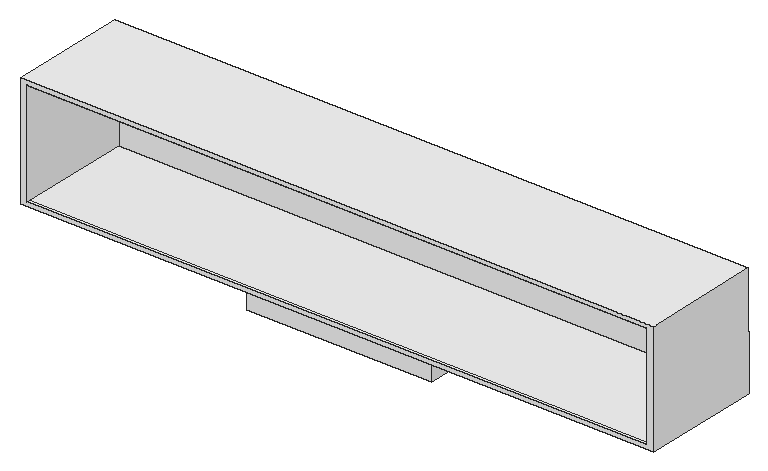
Revit family "4L-W-D", category Lighting Fixtures, host Face, Revit 2014
Parameters (values of type "4L-W-D-02")
  zz YesNo 2 = no
  zz YesNo 1 = yes
  Wattage = 4 W
  Warranty = "5-Years Warranty"  # constant formula
  built-in parameter 1150110 = 1 (stored number, unit not read)
  Voltage = 120 V
  Type Comments = "Lighting Fixture"  # constant formula
  built-in parameter 1114217 = 1 (stored number, unit not read)
  Tilt Angle = -90.00°
  built-in parameter 1150109 = 1 (stored number, unit not read)
  built-in parameter 1150134 = (empty or 0)
  built-in parameter 1150113 = 1 (stored number, unit not read)
  Product Page URL = "https://www.hubbell.com/litecontrol/en/Products/Lighting-Controls/Commercial-Indoor-Lighting/Wall-Mount/MOD-4L-LED-Wall-Direct/p/277666"
  Product Documentation Link = "https://hubbellcdn.com/specsheet/4L-W-D.pdf"
  Power Factor = 1
  Photometric Web Link = "https://www.hubbell.com/litecontrol/en/Products/Lighting-Controls/Commercial-Indoor-Lighting/Wall-Mount/MOD-4L-LED-Wall-Direct/p/277666#prod-photometry-section"
  Photometric Web File = "4L-W-AD-4-ASYM-X-CX-35K-D030.ies"
  Photometric Notes = "For more Photometric web files please find the photmetric web link"  # constant formula
  zz Length 1 = 2' - 0"
  Wattage Comments = ""
  URL = "https://www.hubbell.com/litecontrol/en/"
  Mounting = "Wall-Mount"  # constant formula
  Model = "MOD 4 LED Wall Direct"  # constant formula
  Manufacturer = "Litecontrol Lighting"  # constant formula
  built-in parameter 1150105 = 39.789 (stored number, unit not read)
  Lumens = 500 lm
  built-in parameter 1150115 = 1 (stored number, unit not read)
  Load Classification = Lighting
  built-in parameter 1150137 = (empty or 0)
  built-in parameter 1150139 = (empty or 0)
  built-in parameter 1150112 = 1 (stored number, unit not read)
  built-in parameter 1150114 = 1 (stored number, unit not read)
  Lamp = "LED"  # constant formula
  built-in parameter 1150132 = (empty or 0)
  built-in parameter 1150102 = (empty or 0)
  built-in parameter 1150107 = 3500 (stored number, unit not read)
  built-in parameter 1150138 = (empty or 0)
  built-in parameter 1150106 = 0.39789 (stored number, unit not read)
  Glass = Glass - Hubbell - White
  Fixture Distribution = "Direct"  # constant formula
  Emit from Rectangle Width = zz Length 1 - 0' 0 1/2"  # 1' - 11 1/2"
  Emit from Rectangle Length = 0' - 4"  # constant formula
  Emit Shape Visible in Rendering = no
  built-in parameter 1150104 = 11.613 (stored number, unit not read)
  Dimming Lamp Color Temperature Shift = <None>
  Diming Protocol = "0-10V, Lutron 2-Wire, Lutron 3-Wire, Lutron Ecosystem Digital, Step-dimming"  # constant formula
  Description = "The MOD™ 4L LED Wall Direct (4L-W-D) is part of the MODx family, which is an affordably-priced, full-featured offering with best-in-class attention to detail."  # constant formula
  Default Elevation = 4' - 0"
  Copyright = "Copyright © 2020 Litecontrol"  # constant formula
  Contact Us = "https://www.hubbell.com/litecontrol/en/contactUs"
  Color Filter = 16777215
  built-in parameter 1114218 = 1 (stored number, unit not read)
  Housing Material = Paint - Hubbell - Matte White
  built-in parameter 1150133 = 10 (stored number, unit not read)
  Assembly Code = "D5020200"
  Apparent Load = 0 VA
Types (7): name | zz YesNo 2 | zz YesNo 1 | zz Length 1 | Emit from Rectangle Width
  (no name) | no | yes | 2' - 0" | 1' - 11 1/2"
  4L-W-D-02 | no | yes | 2' - 0" | 1' - 11 1/2"
  4L-W-D-03 | yes | no | 3' - 0" | 2' - 11 1/2"
  4L-W-D-04 | yes | no | 4' - 0" | 3' - 11 1/2"
  4L-W-D-05 | yes | no | 5' - 0" | 4' - 11 1/2"
  4L-W-D-06 | yes | no | 6' - 0" | 5' - 11 1/2"
  4L-W-D-08 | yes | no | 8' - 0" | 7' - 11 1/2"
Reference planes (in)
  plane 1 "Center (Front/Back)": y = 11.51342
  plane 2: z = 0
  plane 3 "Center (Left/Right)": x = 0
Dimensions and locks (in)
  aligned and locked: plane 2 to host face
  aligned and locked: level to host face
  aligned and locked: plane 3 "Center (Left/Right)" to imposter light
  aligned and locked: plane 3 "Center (Left/Right)" to nested 1
  aligned and locked: imposter light to plane 1 "Center (Front/Back)"
  aligned and locked: nested 1 to plane 2
Nested families (in)
  nested 1: "4L" at (-0.01104, 14.51342, 2.76501) x (1, 0, 0) z (0, -1, 0), Glass <- "Glass", Backbox <- "Housing Material", Length <- "zz Length 1", type "22-W"
    with W1 0' - 4", W 0' - 4 1/4", Length 2' - 0", Glass Glass - Hubbell - White, Backbox Paint - Hubbell - Matte White, zz YesNo 2 no
Connectors (in)
  electrical at (0, 12.26342, 0.68), driven by "Load Classification", driven by "Voltage", driven by "Apparent Load", driven by "Power Factor"
    settings: on nested 1, index 1, voltage 120 V, apparent load 0 VA, apparent load phase1 0 VA, apparent load phase2 0 VA, apparent load phase3 0 VA, power factor 1, load classification "Lighting", number of poles 1, system type 30, power factor state 1, is connector primary yes, connector utility no, sub classification motor no, connector description "Electrical Connector"
Definition of nested family "4L"
  Parameters (values of type "22-W")
    zz YesNo 2 = yes
    zz YesNo 1 = yes
    Wattage Comments = ""
    W1 [instance] = 0' - 4"
    W [instance] = 0' - 4 1/4"
    URL = ""
    Model = ""
    Manufacturer = ""
    Length [instance] = 6' - 0"
    Lamp = ""
    Glass [instance] = none
    Description = ""
    Default Elevation = 4' - 0"
    Backbox [instance] = none
    Apparent Load = 0 VA
  Reference planes (in)
    plane 1 "Center (Front/Back)": y = 0.03999
    plane 2: z = 0
    plane 3 "Center (Left/Right)": x = 0.01104
    plane 4: z = 4.5
    plane 5: z = 1
    plane 6: x = -35.98896
    plane 7: x = 36.01104
    plane 8: x = -35.73896
    plane 9: x = 35.76104
    plane 10: y = 2.03999
    plane 11: y = -1.96001
    plane 12: y = -2.08501
    plane 13: y = 2.16499
    plane 14: z = 0.125
    plane 15: y = -2.76501
    plane 16: z = 4.375
    plane 17: x = -29.98896
    plane 18: x = -33.48896
    plane 19: x = -26.48896
    plane 20: x = 30.01104
    plane 21: x = 33.51104
    plane 22: x = 26.51104
    plane 23: x = -3.48896
    plane 24: x = 3.51104
  Forms (in)
    Extrusion 1, solid
      sketch origin (0, 0, 0.06357) x (1, 0, 0) y (0, 1, 0)
        loop
          line (-48, 48) -> (-48, -48) -> (48, -48) -> (48, 48) -> (-48, 48)
      from -0.06357 to -12.81105
    Extrusion 2, void
      sketch origin (-23.78896, 8.13374, 2) x (0, -1, 0) y (1, 0, 0)
        loop
          line (6.09375, -11.95) -> (10.09375, -11.95) -> (10.09375, 59.55) -> (6.09375, 59.55) -> (6.09375, -11.95)
      from 2.5 to -2
    Extrusion 3, solid, material <- "Backbox"
      sketch origin (0.01104, 0, 0) x (0, 1, 0) y (0, 0, 1)
        loop
          line (2.16499, 4.5) -> (-2.08501, 4.5) -> (-2.08501, 0) -> (2.16499, 0) -> (2.16499, 4.5)
      from -36 to 36
    Extrusion 4, solid, material <- "Glass"
      sketch origin (0, 0, 4.3125) x (0, -1, 0) y (1, 0, 0)
        loop
          line (-2.03999, -35.73896) -> (1.96001, -35.73896) -> (1.96001, 35.76104) -> (-2.03999, 35.76104) -> (-2.03999, -35.73896)
      from 0.0625 to 0.1875
    Extrusion 5, solid, material <- "Backbox", visible <- "zz YesNo 2"
      sketch origin (0.01104, 0, 0) x (0, 1, 0) y (0, 0, 1)
        loop
          line (-2.08501, 4.375) -> (-2.76501, 4.375) -> (-2.76501, 0.125) -> (-2.08501, 0.125) -> (-2.08501, 4.375)
      from 26.5 to 33.5
    Extrusion 6, solid, material <- "Backbox", visible <- "zz YesNo 2"
      sketch origin (0.01104, 0, 0) x (0, 1, 0) y (0, 0, -1)
        loop
          line (-2.08501, -4.375) -> (-2.08501, -0.125) -> (-2.76501, -0.125) -> (-2.76501, -4.375) -> (-2.08501, -4.375)
      from 26.5 to 33.5
    Extrusion 7, solid, material <- "Backbox", visible <- "zz YesNo 1"
      sketch origin (18.01104, 0, 0) x (0, 1, 0) y (0, 0, -1)
        loop
          line (-2.08501, -4.375) -> (-2.08501, -0.125) -> (-2.76501, -0.125) -> (-2.76501, -4.375) -> (-2.08501, -4.375)
      from 14.5 to 21.5
    Extrusion 8, solid, material <- "Backbox"
      sketch origin (0, 0, -1.3125) x (1, 0, 0) y (0, 1, 0)
        loop
          line (-35.73896, 2.03999) -> (-35.73896, -1.96001) -> (35.76104, -1.96001) -> (35.76104, 2.03999) -> (-35.73896, 2.03999)
      from 1.3125 to 1.4375
  Cuts and joins
    Extrusion 2 cuts Extrusion 3
  Dimensions and locks (in)
    "Length": plane 7 to plane 6
    locked: plane 8 to plane 6 at 0.25
    locked: plane 7 to plane 9 at 0.25
    equal spacing: plane 7, plane 3 "Center (Left/Right)", plane 6
    plane 10 to plane 11 = 0' - 4"
    equal spacing: plane 10, plane 1 "Center (Front/Back)", plane 11
    "W": plane 12 to plane 13
    plane 12 to plane 1 "Center (Front/Back)" = 0' - 2 1/8"
    equal spacing: plane 13, plane 1 "Center (Front/Back)", plane 12
    plane 4 to plane 2 = 0' - 4 1/2"
    plane 14 to plane 2 = 0' - 0 1/8"
    locked: plane 5 to plane 2 at 1
    plane 12 to plane 15 = 0' - 0.68"
    locked: plane 4 to plane 16 at 0.125
    locked: plane 17 to plane 6 at 6
    plane 19 to plane 17 to plane 18 = 0' - 3 1/2" locked, 0' - 3 1/2" locked
    plane 21 to plane 20 to plane 22 = 0' - 3 1/2" locked, 0' - 3 1/2" locked
    plane 24 to plane 3 "Center (Left/Right)" to plane 23 = 0' - 3 1/2" locked, 0' - 3 1/2" locked
    locked: plane 20 to plane 7 at 6
    equal spacing: plane 11, plane 1 "Center (Front/Back)", plane 10
    "W1": plane 11 to plane 10
    aligned and locked: plane 2 to Extrusion 1
    aligned and locked: plane 10 to Extrusion 2 sketch curve
    aligned and locked: plane 11 to Extrusion 2 sketch curve
    aligned and locked: plane 4 to Extrusion 3 sketch curve
    aligned and locked: plane 13 to Extrusion 3 sketch curve
    aligned and locked: Extrusion 3 sketch curve to level
    aligned and locked: plane 12 to Extrusion 3 sketch curve
    aligned and locked: Extrusion 3 to plane 6
    aligned and locked: plane 7 to Extrusion 3
    aligned and locked: plane 9 to Extrusion 2
    aligned and locked: Extrusion 2 to plane 8
    aligned and locked: Extrusion 5 sketch curve to plane 14
    aligned and locked: plane 16 to Extrusion 5
    aligned and locked: Extrusion 5 to plane 14
    aligned and locked: Extrusion 5 to plane 12
    aligned and locked: Extrusion 5 to plane 21
    aligned and locked: Extrusion 5 to plane 22
    aligned and locked: Extrusion 6 to plane 18
    aligned and locked: Extrusion 6 to plane 19
    aligned and locked: Extrusion 7 to plane 23
    aligned and locked: Extrusion 7 to plane 24
    aligned and locked: plane 4 to Extrusion 4
    aligned and locked: Extrusion 4 to Extrusion 5
    aligned and locked: plane 4 to Extrusion 2
    aligned and locked: Extrusion 2 to level
    aligned and locked: plane 14 to Extrusion 8
    aligned and locked: Extrusion 8 to level
    aligned and locked: plane 15 to Extrusion 5
  Automatic sketch dimensions
    Extrusion 1 sketch curve to Extrusion 1 sketch curve = 8' - 0"  (x2)
    Extrusion 2 sketch curve to plane 8 = 0' - 0"
    Extrusion 2 sketch curve to plane 9 = 0' - 0"
    Extrusion 4 sketch curve to plane 9 = 0' - 0"
    plane 10 to Extrusion 4 sketch curve = 0' - 0"
    Extrusion 4 sketch curve to plane 8 = 0' - 0"
    Extrusion 4 sketch curve to plane 11 = 0' - 0"
    Extrusion 5 sketch curve to plane 15 = 0' - 0"
    Extrusion 5 sketch curve to plane 12 = 0' - 0"
    Extrusion 5 sketch curve to plane 16 = 0' - 0"
    Extrusion 6 sketch curve to plane 15 = 0' - 0"
    Extrusion 6 sketch curve to plane 12 = 0' - 0"
    Extrusion 6 sketch curve to plane 16 = 0' - 0"
    Extrusion 6 sketch curve to plane 14 = 0' - 0"
    Extrusion 7 sketch curve to plane 15 = 0' - 0"
    Extrusion 7 sketch curve to plane 12 = 0' - 0"
    Extrusion 7 sketch curve to plane 16 = 0' - 0"
    Extrusion 7 sketch curve to plane 14 = 0' - 0"
    Extrusion 8 sketch curve to plane 8 = 0' - 0"
    Extrusion 8 sketch curve to plane 9 = 0' - 0"
    Extrusion 8 sketch curve to plane 11 = 0' - 0"
    plane 10 to Extrusion 8 sketch curve = 0' - 0"
